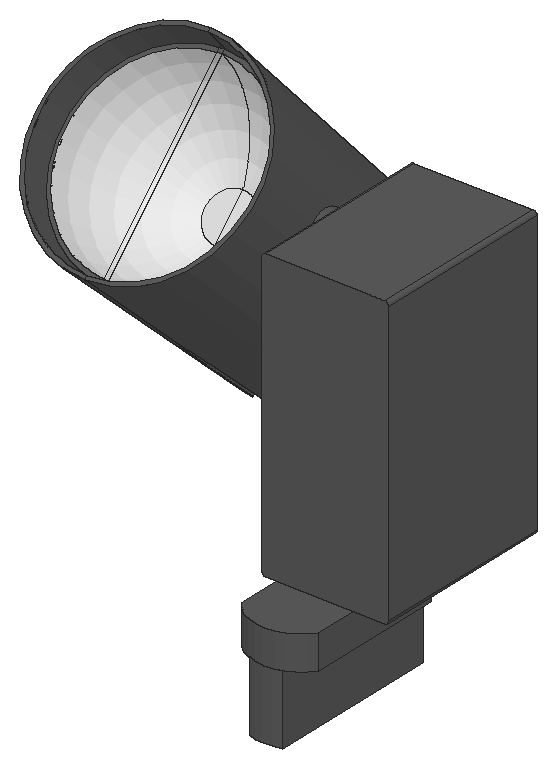
Revit family "0004899 Feilo Sylvania Lighting Fixture START TRACK SPOT S 24W 4K RA90 MB BLACK", category Lighting Fixtures, host Face, Revit 2017 (continued)
Definition of nested family "Start Track Spot Head"
  Types (96, lengths in mm): name | Wattage | built-in parameter 1150134 | Photometric Web File | Model | built-in parameter 1150105 | Lumens | built-in parameter 1150107 | built-in parameter 1150106 | HeadThickness_FEILO | HeadRibOffset_FEILO | HeadRibDepth_FEILO | HeadRibCutWidth_FEILO | HeadRibCutOffset_FEILO | HeadReflectorRadius_FEILO | HeadReflectorOffset_FEILO | HeadLEDRadius_FEILO | HeadHeight_FEILO | HeadDiffusorOffset_FEILO | HeadDiaOut_FEILO | HeadDiaIn_FEILO | HeadAxisFromTop_FEILO | Emit from Circle Diameter | built-in parameter 1150104 | Description | Apparent Load
    0004864 START TRACK SPOT S 24W 3K RA90 WB WHITE | 24 W | (empty or 0) | "0004864.ies" | "START TRACK SPOT S 24W 3K RA90 WB WHITE" | 152.79 (stored number, unit not read) | 1920 lm | 3000 (stored number, unit not read) | 1.5279 (stored number, unit not read) | 1.5 | 4.179 | 55.714 | 7.167 | 50.87 | 50.588 | 55.714 | 9.556 | 117 | 9.435 | 86 | 77.477 | 69.354 | 77.477 | 7.4322 (stored number, unit not read) | "Integrated LED spotlight, Textured White - RAL9016, compact and minimalist design, ideal for retail applications, die-cast aluminium body, passive cooling heatsink. Beam angle: 64°, color temperature: 3000K , total system power: 24W, total fixture output: 1928 lm, LOR: 100%, colour rendering: Ra: 90 typical, LED Chromaticity: 3 step MacAdam ellipse, lifetime: >50000 hours at L70B50, energy class: A++, A+, A, IR/UV free light source without heat radiation, operating voltage: 220-240V / 50-60Hz, drive current: 600mA, electronic driver, non-dimmable, power factor: 0.95, electrical protection: Class II, Global Track 3 Phase adapter suitable for Global trac 3-circuit tracks, ingress protection rating: IP20, suitable for internal environment only, horizontal rotation: 355°, vertical tilt: 90°, dimensions: Ø86x140x200, weight: 0.966kg." | 24 VA
    0004863 START TRACK SPOT S 24W 3K RA90 MB WHITE | 24 W | (empty or 0) | "0004863.ies" | "START TRACK SPOT S 24W 3K RA90 MB WHITE" | 154.7 (stored number, unit not read) | 1944 lm | 3000 (stored number, unit not read) | 1.547 (stored number, unit not read) | 1.5 | 4.179 | 55.714 | 7.167 | 50.87 | 50.588 | 55.714 | 9.556 | 117 | 9.435 | 86 | 77.477 | 69.354 | 77.477 | 7.5251 (stored number, unit not read) | "Integrated LED spotlight, Textured White - RAL9016, compact and minimalist design, ideal for retail applications, die-cast aluminium body, passive cooling heatsink. Beam angle: 36°, color temperature: 3000K , total system power: 24W, total fixture output: 1944 lm, LOR: 100%, colour rendering: Ra: 90 typical, LED Chromaticity: 3 step MacAdam ellipse, lifetime: >50000 hours at L70B50, energy class: A++, A+, A, IR/UV free light source without heat radiation, operating voltage: 220-240V / 50-60Hz, drive current: 600mA, electronic driver, non-dimmable, power factor: 0.95, electrical protection: Class II, Global Track 3 Phase adapter suitable for Global trac 3-circuit tracks, ingress protection rating: IP20, suitable for internal environment only, horizontal rotation: 355°, vertical tilt: 90°, dimensions: Ø86x140x200, weight: 0.966kg." | 24 VA
    0004862 START TRACK SPOT S 24W 3K RA90 NB WHITE | 24 W | (empty or 0) | "0004862.ies" | "START TRACK SPOT S 24W 3K RA90 NB WHITE" | 158.52 (stored number, unit not read) | 1992 lm | 3000 (stored number, unit not read) | 1.5852 (stored number, unit not read) | 1.5 | 4.179 | 55.714 | 7.167 | 50.87 | 50.588 | 55.714 | 9.556 | 117 | 9.435 | 86 | 77.477 | 69.354 | 77.477 | 7.711 (stored number, unit not read) | "Integrated LED spotlight, Textured White - RAL9016, compact and minimalist design, ideal for retail applications, die-cast aluminium body, passive cooling heatsink. Beam angle: 12°, color temperature: 3000K , total system power: 24W, total fixture output: 1987 lm, LOR: 100%, colour rendering: Ra: 90 typical, LED Chromaticity: 3 step MacAdam ellipse, lifetime: >50000 hours at L70B50, energy class: A++, A+, A, IR/UV free light source without heat radiation, operating voltage: 220-240V / 50-60Hz, drive current: 600mA, electronic driver, non-dimmable, power factor: 0.95, electrical protection: Class II, Global Track 3 Phase adapter suitable for Global trac 3-circuit tracks, ingress protection rating: IP20, suitable for internal environment only, horizontal rotation: 355°, vertical tilt: 90°, dimensions: Ø86x140x200, weight: 0.966kg." | 24 VA
    0004861 START TRACK SPOT S 14W 3K RA90 WB WHITE | 14 W | (empty or 0) | "0004861.ies" | "START TRACK SPOT S 14W 3K RA90 WB WHITE" | 100.27 (stored number, unit not read) | 1260 lm | 3000 (stored number, unit not read) | 1.0027 (stored number, unit not read) | 1.5 | 4.179 | 55.714 | 7.167 | 50.87 | 50.588 | 55.714 | 9.556 | 117 | 9.435 | 86 | 77.477 | 69.354 | 77.477 | 8.3613 (stored number, unit not read) | "Integrated LED spotlight, Textured White - RAL9016, compact and minimalist design, ideal for retail applications, die-cast aluminium body, passive cooling heatsink. Beam angle: 64°, color temperature: 3000K , total system power: 14W, total fixture output: 1262 lm, LOR: 100%, colour rendering: Ra: 90 typical, LED Chromaticity: 3 step MacAdam ellipse, lifetime: >50000 hours at L70B50, energy class: A++, A+, A, IR/UV free light source without heat radiation, operating voltage: 220-240V / 50-60Hz, drive current: 350mA, electronic driver, non-dimmable, power factor: 0.92, electrical protection: Class II, Global Track 3 Phase adapter suitable for Global trac 3-circuit tracks, ingress protection rating: IP20, suitable for internal environment only, horizontal rotation: 355°, vertical tilt: 90°, dimensions: Ø86x140x200, weight: 0.940kg." | 14 VA
    0004860 START TRACK SPOT S 14W 3K RA90 MB WHITE | 14 W | (empty or 0) | "0004860.ies" | "START TRACK SPOT S 14W 3K RA90 MB WHITE" | 100.27 (stored number, unit not read) | 1260 lm | 3000 (stored number, unit not read) | 1.0027 (stored number, unit not read) | 1.5 | 4.179 | 55.714 | 7.167 | 50.87 | 50.588 | 55.714 | 9.556 | 117 | 9.435 | 86 | 77.477 | 69.354 | 77.477 | 8.3613 (stored number, unit not read) | "Integrated LED spotlight, Textured White - RAL9016, compact and minimalist design, ideal for retail applications, die-cast aluminium body, passive cooling heatsink. Beam angle: 36°, color temperature: 3000K , total system power: 14W, total fixture output: 1262 lm, LOR: 100%, colour rendering: Ra: 90 typical, LED Chromaticity: 3 step MacAdam ellipse, lifetime: >50000 hours at L70B50, energy class: A++, A+, A, IR/UV free light source without heat radiation, operating voltage: 220-240V / 50-60Hz, drive current: 350mA, electronic driver, non-dimmable, power factor: 0.92, electrical protection: Class II, Global Track 3 Phase adapter suitable for Global trac 3-circuit tracks, ingress protection rating: IP20, suitable for internal environment only, horizontal rotation: 355°, vertical tilt: 90°, dimensions: Ø86x140x200, weight: 0.940kg." | 14 VA
    0004859 START TRACK SPOT S 14W 3K RA90 NB WHITE | 14 W | (empty or 0) | "0004859.ies" | "START TRACK SPOT S 14W 3K RA90 NB WHITE" | 102.5 (stored number, unit not read) | 1288 lm | 3000 (stored number, unit not read) | 1.025 (stored number, unit not read) | 1.5 | 4.179 | 55.714 | 7.167 | 50.87 | 50.588 | 55.714 | 9.556 | 117 | 9.435 | 86 | 77.477 | 69.354 | 77.477 | 8.5471 (stored number, unit not read) | "Integrated LED spotlight, Textured White - RAL9016, compact and minimalist design, ideal for retail applications, die-cast aluminium body, passive cooling heatsink. Beam angle: 12°, color temperature: 3000K , total system power: 14W, total fixture output: 1284 lm, LOR: 100%, colour rendering: Ra: 90 typical, LED Chromaticity: 3 step MacAdam ellipse, lifetime: >50000 hours at L70B50, energy class: A++, A+, A, IR/UV free light source without heat radiation, operating voltage: 220-240V / 50-60Hz, drive current: 350mA, electronic driver, non-dimmable, power factor: 0.92, electrical protection: Class II, Global Track 3 Phase adapter suitable for Global trac 3-circuit tracks, ingress protection rating: IP20, suitable for internal environment only, horizontal rotation: 355°, vertical tilt: 90°, dimensions: Ø86x140x200, weight: 0.940kg." | 14 VA
    0004858 START TRACK SPOT L 55W 4K RA80 WB BLACK | 55 W | 12 | "0004858.ies" | "START TRACK SPOT L 55W 4K RA80 WB BLACK" | 424.55 (stored number, unit not read) | 5335 lm | 4000 (stored number, unit not read) | 4.2455 (stored number, unit not read) | 2 | 4.429 | 59.048 | 9.417 | 53.913 | 66.471 | 59.048 | 12.556 | 124 | 10 | 113 | 101.802 | 73.503 | 101.802 | 9.0116 (stored number, unit not read) | "Integrated LED spotlight, Textured Black - RAL9005, compact and minimalist design, ideal for retail applications, die-cast aluminium body, passive cooling heatsink. Beam angle: 52°, color temperature: 4000K , total system power: 55W, total fixture output: 5320 lm, LOR: 100%, colour rendering: Ra: 80 typical, LED Chromaticity: 3 step MacAdam ellipse, lifetime: >50000 hours at L70B50, energy class: A++, A+, A, IR/UV free light source without heat radiation, operating voltage: 220-240V / 50-60Hz, drive current: 1400mA, electronic driver, non-dimmable, power factor: 0.96, electrical protection: Class II, Global Track 3 Phase adapter suitable for Global trac 3-circuit tracks, ingress protection rating: IP20, suitable for internal environment only, horizontal rotation: 355°, vertical tilt: 90°, dimensions: Ø113x164x240, weight: 1.398kg." | 55 VA
    0004857 START TRACK SPOT L 55W 4K RA80 MB BLACK | 55 W | 12 | "0004857.ies" | "START TRACK SPOT L 55W 4K RA80 MB BLACK" | 428.92 (stored number, unit not read) | 5390 lm | 4000 (stored number, unit not read) | 4.2892 (stored number, unit not read) | 2 | 4.429 | 59.048 | 9.417 | 53.913 | 66.471 | 59.048 | 12.556 | 124 | 10 | 113 | 101.802 | 73.503 | 101.802 | 9.1045 (stored number, unit not read) | "Integrated LED spotlight, Textured Black - RAL9005, compact and minimalist design, ideal for retail applications, die-cast aluminium body, passive cooling heatsink. Beam angle: 38°, color temperature: 4000K , total system power: 55W, total fixture output: 5378 lm, LOR: 100%, colour rendering: Ra: 80 typical, LED Chromaticity: 3 step MacAdam ellipse, lifetime: >50000 hours at L70B50, energy class: A++, A+, A, IR/UV free light source without heat radiation, operating voltage: 220-240V / 50-60Hz, drive current: 1400mA, electronic driver, non-dimmable, power factor: 0.96, electrical protection: Class II, Global Track 3 Phase adapter suitable for Global trac 3-circuit tracks, ingress protection rating: IP20, suitable for internal environment only, horizontal rotation: 355°, vertical tilt: 90°, dimensions: Ø113x164x240, weight: 1.398kg." | 55 VA
    0004856 START TRACK SPOT L 55W 4K RA80 NB BLACK | 55 W | 12 | "0004856.ies" | "START TRACK SPOT L 55W 4K RA80 NB BLACK" | 433.3 (stored number, unit not read) | 5445 lm | 4000 (stored number, unit not read) | 4.333 (stored number, unit not read) | 2 | 4.429 | 59.048 | 9.417 | 53.913 | 66.471 | 59.048 | 12.556 | 124 | 10 | 113 | 101.802 | 73.503 | 101.802 | 9.1974 (stored number, unit not read) | "Integrated LED spotlight, Textured Black - RAL9005, compact and minimalist design, ideal for retail applications, die-cast aluminium body, passive cooling heatsink. Beam angle: 15°, color temperature: 4000K , total system power: 55W, total fixture output: 5426 lm, LOR: 100%, colour rendering: Ra: 80 typical, LED Chromaticity: 3 step MacAdam ellipse, lifetime: >50000 hours at L70B50, energy class: A++, A+, A, IR/UV free light source without heat radiation, operating voltage: 220-240V / 50-60Hz, drive current: 1400mA, electronic driver, non-dimmable, power factor: 0.96, electrical protection: Class II, Global Track 3 Phase adapter suitable for Global trac 3-circuit tracks, ingress protection rating: IP20, suitable for internal environment only, horizontal rotation: 355°, vertical tilt: 90°, dimensions: Ø113x164x240, weight: 1.398kg." | 55 VA
    0004855 START TRACK SPOT L 35W 4K RA80 WB BLACK | 35 W | 12 | "0004855.ies" | "START TRACK SPOT L 35W 4K RA80 WB BLACK" | 320.3 (stored number, unit not read) | 4025 lm | 4000 (stored number, unit not read) | 3.203 (stored number, unit not read) | 2 | 4.429 | 59.048 | 9.417 | 53.913 | 66.471 | 59.048 | 12.556 | 124 | 10 | 113 | 101.802 | 73.503 | 101.802 | 10.684 (stored number, unit not read) | "Integrated LED spotlight, Textured Black - RAL9005, compact and minimalist design, ideal for retail applications, die-cast aluminium body, passive cooling heatsink. Beam angle: 52°, color temperature: 4000K , total system power: 35W, total fixture output: 4010 lm, LOR: 100%, colour rendering: Ra: 80 typical, LED Chromaticity: 3 step MacAdam ellipse, lifetime: >50000 hours at L70B50, energy class: A++, A+, A, IR/UV free light source without heat radiation, operating voltage: 220-240V / 50-60Hz, drive current: 900mA, electronic driver, non-dimmable, power factor: 0.93, electrical protection: Class II, Global Track 3 Phase adapter suitable for Global trac 3-circuit tracks, ingress protection rating: IP20, suitable for internal environment only, horizontal rotation: 355°, vertical tilt: 90°, dimensions: Ø113x164x240, weight: 1.368kg." | 35 VA
    0004854 START TRACK SPOT L 35W 4K RA80 MB BLACK | 35 W | 12 | "0004854.ies" | "START TRACK SPOT L 35W 4K RA80 MB BLACK" | 320.3 (stored number, unit not read) | 4025 lm | 4000 (stored number, unit not read) | 3.203 (stored number, unit not read) | 2 | 4.429 | 59.048 | 9.417 | 53.913 | 66.471 | 59.048 | 12.556 | 124 | 10 | 113 | 101.802 | 73.503 | 101.802 | 10.684 (stored number, unit not read) | "Integrated LED spotlight, Textured Black - RAL9005, compact and minimalist design, ideal for retail applications, die-cast aluminium body, passive cooling heatsink. Beam angle: 38°, color temperature: 4000K , total system power: 35W, total fixture output: 4017 lm, LOR: 100%, colour rendering: Ra: 80 typical, LED Chromaticity: 3 step MacAdam ellipse, lifetime: >50000 hours at L70B50, energy class: A++, A+, A, IR/UV free light source without heat radiation, operating voltage: 220-240V / 50-60Hz, drive current: 900mA, electronic driver, non-dimmable, power factor: 0.93, electrical protection: Class II, Global Track 3 Phase adapter suitable for Global trac 3-circuit tracks, ingress protection rating: IP20, suitable for internal environment only, horizontal rotation: 355°, vertical tilt: 90°, dimensions: Ø113x164x240, weight: 1.368kg." | 35 VA
    0004853 START TRACK SPOT L 35W 4K RA80 NB BLACK | 35 W | 12 | "0004853.ies" | "START TRACK SPOT L 35W 4K RA80 NB BLACK" | 331.44 (stored number, unit not read) | 4165 lm | 4000 (stored number, unit not read) | 3.3144 (stored number, unit not read) | 2 | 4.429 | 59.048 | 9.417 | 53.913 | 66.471 | 59.048 | 12.556 | 124 | 10 | 113 | 101.802 | 73.503 | 101.802 | 11.055 (stored number, unit not read) | "Integrated LED spotlight, Textured Black - RAL9005, compact and minimalist design, ideal for retail applications, die-cast aluminium body, passive cooling heatsink. Beam angle: 15°, color temperature: 4000K , total system power: 35W, total fixture output: 4174 lm, LOR: 100%, colour rendering: Ra: 80 typical, LED Chromaticity: 3 step MacAdam ellipse, lifetime: >50000 hours at L70B50, energy class: A++, A+, A, IR/UV free light source without heat radiation, operating voltage: 220-240V / 50-60Hz, drive current: 900mA, electronic driver, non-dimmable, power factor: 0.93, electrical protection: Class II, Global Track 3 Phase adapter suitable for Global trac 3-circuit tracks, ingress protection rating: IP20, suitable for internal environment only, horizontal rotation: 355°, vertical tilt: 90°, dimensions: Ø113x164x240, weight: 1.368kg." | 35 VA
    0004852 START TRACK SPOT S 24W 4K RA80 WB BLACK | 24 W | 12 | "0004852.ies" | "START TRACK SPOT S 24W 4K RA80 WB BLACK" | 196.72 (stored number, unit not read) | 2472 lm | 4000 (stored number, unit not read) | 1.9672 (stored number, unit not read) | 1.5 | 4.179 | 55.714 | 7.167 | 50.87 | 50.588 | 55.714 | 9.556 | 117 | 9.435 | 86 | 77.477 | 69.354 | 77.477 | 9.569 (stored number, unit not read) | "Integrated LED spotlight, Textured Black - RAL9005, compact and minimalist design, ideal for retail applications, die-cast aluminium body, passive cooling heatsink. Beam angle: 64°, color temperature: 4000K , total system power: 24W, total fixture output: 2476 lm, LOR: 100%, colour rendering: Ra: 80 typical, LED Chromaticity: 3 step MacAdam ellipse, lifetime: >50000 hours at L70B50, energy class: A++, A+, A, IR/UV free light source without heat radiation, operating voltage: 220-240V / 50-60Hz, drive current: 600mA, electronic driver, non-dimmable, power factor: 0.95, electrical protection: Class II, Global Track 3 Phase adapter suitable for Global trac 3-circuit tracks, ingress protection rating: IP20, suitable for internal environment only, horizontal rotation: 355°, vertical tilt: 90°, dimensions: Ø86x140x200, weight: 0.966kg." | 24 VA
    0004851 START TRACK SPOT S 24W 4K RA80 MB BLACK | 24 W | 12 | "0004851.ies" | "START TRACK SPOT S 24W 4K RA80 MB BLACK" | 198.63 (stored number, unit not read) | 2496 lm | 4000 (stored number, unit not read) | 1.9863 (stored number, unit not read) | 1.5 | 4.179 | 55.714 | 7.167 | 50.87 | 50.588 | 55.714 | 9.556 | 117 | 9.435 | 86 | 77.477 | 69.354 | 77.477 | 9.6619 (stored number, unit not read) | "Integrated LED spotlight, Textured Black - RAL9005, compact and minimalist design, ideal for retail applications, die-cast aluminium body, passive cooling heatsink. Beam angle: 36°, color temperature: 4000K , total system power: 24W, total fixture output: 2487 lm, LOR: 100%, colour rendering: Ra: 80 typical, LED Chromaticity: 3 step MacAdam ellipse, lifetime: >50000 hours at L70B50, energy class: A++, A+, A, IR/UV free light source without heat radiation, operating voltage: 220-240V / 50-60Hz, drive current: 600mA, electronic driver, non-dimmable, power factor: 0.95, electrical protection: Class II, Global Track 3 Phase adapter suitable for Global trac 3-circuit tracks, ingress protection rating: IP20, suitable for internal environment only, horizontal rotation: 355°, vertical tilt: 90°, dimensions: Ø86x140x200, weight: 0.966kg." | 24 VA
    0004850 START TRACK SPOT S 24W 4K RA80 NB BLACK | 24 W | 12 | "0004850.ies" | "START TRACK SPOT S 24W 4K RA80 NB BLACK" | 200.54 (stored number, unit not read) | 2520 lm | 4000 (stored number, unit not read) | 2.0054 (stored number, unit not read) | 1.5 | 4.179 | 55.714 | 7.167 | 50.87 | 50.588 | 55.714 | 9.556 | 117 | 9.435 | 86 | 77.477 | 69.354 | 77.477 | 9.7548 (stored number, unit not read) | "Integrated LED spotlight, Textured Black - RAL9005, compact and minimalist design, ideal for retail applications, die-cast aluminium body, passive cooling heatsink. Beam angle: 12°, color temperature: 4000K , total system power: 24W, total fixture output: 2529 lm, LOR: 100%, colour rendering: Ra: 80 typical, LED Chromaticity: 3 step MacAdam ellipse, lifetime: >50000 hours at L70B50, energy class: A++, A+, A, IR/UV free light source without heat radiation, operating voltage: 220-240V / 50-60Hz, drive current: 600mA, electronic driver, non-dimmable, power factor: 0.95, electrical protection: Class II, Global Track 3 Phase adapter suitable for Global trac 3-circuit tracks, ingress protection rating: IP20, suitable for internal environment only, horizontal rotation: 355°, vertical tilt: 90°, dimensions: Ø86x140x200, weight: 0.966kg." | 24 VA
    0004849 START TRACK SPOT S 14W 4K RA80 WB BLACK | 14 W | 12 | "0004849.ies" | "START TRACK SPOT S 14W 4K RA80 WB BLACK" | 123.66 (stored number, unit not read) | 1554 lm | 4000 (stored number, unit not read) | 1.2366 (stored number, unit not read) | 1.5 | 4.179 | 55.714 | 7.167 | 50.87 | 50.588 | 55.714 | 9.556 | 117 | 9.435 | 86 | 77.477 | 69.354 | 77.477 | 10.312 (stored number, unit not read) | "Integrated LED spotlight, Textured Black - RAL9005, compact and minimalist design, ideal for retail applications, die-cast aluminium body, passive cooling heatsink. Beam angle: 64°, color temperature: 4000K , total system power: 14W, total fixture output: 1558 lm, LOR: 100%, colour rendering: Ra: 80 typical, LED Chromaticity: 3 step MacAdam ellipse, lifetime: >50000 hours at L70B50, energy class: A++, A+, A, IR/UV free light source without heat radiation, operating voltage: 220-240V / 50-60Hz, drive current: 350mA, electronic driver, non-dimmable, power factor: 0.92, electrical protection: Class II, Global Track 3 Phase adapter suitable for Global trac 3-circuit tracks, ingress protection rating: IP20, suitable for internal environment only, horizontal rotation: 355°, vertical tilt: 90°, dimensions: Ø86x140x200, weight: 0.940kg." | 14 VA
    0004848 START TRACK SPOT S 14W 4K RA80 MB BLACK | 14 W | 12 | "0004848.ies" | "START TRACK SPOT S 14W 4K RA80 MB BLACK" | 127.01 (stored number, unit not read) | 1596 lm | 4000 (stored number, unit not read) | 1.2701 (stored number, unit not read) | 1.5 | 4.179 | 55.714 | 7.167 | 50.87 | 50.588 | 55.714 | 9.556 | 117 | 9.435 | 86 | 77.477 | 69.354 | 77.477 | 10.591 (stored number, unit not read) | "Integrated LED spotlight, Textured Black - RAL9005, compact and minimalist design, ideal for retail applications, die-cast aluminium body, passive cooling heatsink. Beam angle: 36°, color temperature: 4000K , total system power: 14W, total fixture output: 1598 lm, LOR: 100%, colour rendering: Ra: 80 typical, LED Chromaticity: 3 step MacAdam ellipse, lifetime: >50000 hours at L70B50, energy class: A++, A+, A, IR/UV free light source without heat radiation, operating voltage: 220-240V / 50-60Hz, drive current: 350mA, electronic driver, non-dimmable, power factor: 0.92, electrical protection: Class II, Global Track 3 Phase adapter suitable for Global trac 3-circuit tracks, ingress protection rating: IP20, suitable for internal environment only, horizontal rotation: 355°, vertical tilt: 90°, dimensions: Ø86x140x200, weight: 0.940kg." | 14 VA
    0004847 START TRACK SPOT S 14W 4K RA80 NB BLACK | 14 W | 12 | "0004847.ies" | "START TRACK SPOT S 14W 4K RA80 NB BLACK" | 128.12 (stored number, unit not read) | 1610 lm | 4000 (stored number, unit not read) | 1.2812 (stored number, unit not read) | 1.5 | 4.179 | 55.714 | 7.167 | 50.87 | 50.588 | 55.714 | 9.556 | 117 | 9.435 | 86 | 77.477 | 69.354 | 77.477 | 10.684 (stored number, unit not read) | "Integrated LED spotlight, Textured Black - RAL9005, compact and minimalist design, ideal for retail applications, die-cast aluminium body, passive cooling heatsink. Beam angle: 12°, color temperature: 4000K , total system power: 14W, total fixture output: 1608 lm, LOR: 100%, colour rendering: Ra: 80 typical, LED Chromaticity: 3 step MacAdam ellipse, lifetime: >50000 hours at L70B50, energy class: A++, A+, A, IR/UV free light source without heat radiation, operating voltage: 220-240V / 50-60Hz, drive current: 350mA, electronic driver, non-dimmable, power factor: 0.92, electrical protection: Class II, Global Track 3 Phase adapter suitable for Global trac 3-circuit tracks, ingress protection rating: IP20, suitable for internal environment only, horizontal rotation: 355°, vertical tilt: 90°, dimensions: Ø86x140x200, weight: 0.940kg." | 14 VA
    0004846 START TRACK SPOT L 55W 3K RA80 WB BLACK | 55 W | (empty or 0) | "0004846.ies" | "START TRACK SPOT L 55W 3K RA80 WB BLACK" | 420.17 (stored number, unit not read) | 5280 lm | 3000 (stored number, unit not read) | 4.2017 (stored number, unit not read) | 2 | 4.429 | 59.048 | 9.417 | 53.913 | 66.471 | 59.048 | 12.556 | 124 | 10 | 113 | 101.802 | 73.503 | 101.802 | 8.9187 (stored number, unit not read) | "Integrated LED spotlight, Textured Black - RAL9005, compact and minimalist design, ideal for retail applications, die-cast aluminium body, passive cooling heatsink. Beam angle: 52°, color temperature: 3000K , total system power: 55W, total fixture output: 5298 lm, LOR: 100%, colour rendering: Ra: 80 typical, LED Chromaticity: 3 step MacAdam ellipse, lifetime: >50000 hours at L70B50, energy class: A++, A+, A, IR/UV free light source without heat radiation, operating voltage: 220-240V / 50-60Hz, drive current: 1400mA, electronic driver, non-dimmable, power factor: 0.96, electrical protection: Class II, Global Track 3 Phase adapter suitable for Global trac 3-circuit tracks, ingress protection rating: IP20, suitable for internal environment only, horizontal rotation: 355°, vertical tilt: 90°, dimensions: Ø113x164x240, weight: 1.398kg." | 55 VA
    0004845 START TRACK SPOT L 55W 3K RA80 MB BLACK | 55 W | (empty or 0) | "0004845.ies" | "START TRACK SPOT L 55W 3K RA80 MB BLACK" | 428.92 (stored number, unit not read) | 5390 lm | 3000 (stored number, unit not read) | 4.2892 (stored number, unit not read) | 2 | 4.429 | 59.048 | 9.417 | 53.913 | 66.471 | 59.048 | 12.556 | 124 | 10 | 113 | 101.802 | 73.503 | 101.802 | 9.1045 (stored number, unit not read) | "Integrated LED spotlight, Textured Black - RAL9005, compact and minimalist design, ideal for retail applications, die-cast aluminium body, passive cooling heatsink. Beam angle: 38°, color temperature: 3000K , total system power: 55W, total fixture output: 5381 lm, LOR: 100%, colour rendering: Ra: 80 typical, LED Chromaticity: 3 step MacAdam ellipse, lifetime: >50000 hours at L70B50, energy class: A++, A+, A, IR/UV free light source without heat radiation, operating voltage: 220-240V / 50-60Hz, drive current: 1400mA, electronic driver, non-dimmable, power factor: 0.96, electrical protection: Class II, Global Track 3 Phase adapter suitable for Global trac 3-circuit tracks, ingress protection rating: IP20, suitable for internal environment only, horizontal rotation: 355°, vertical tilt: 90°, dimensions: Ø113x164x240, weight: 1.398kg." | 55 VA
    0004844 START TRACK SPOT L 55W 3K RA80 NB BLACK | 55 W | (empty or 0) | "0004844.ies" | "START TRACK SPOT L 55W 3K RA80 NB BLACK" | 433.3 (stored number, unit not read) | 5445 lm | 3000 (stored number, unit not read) | 4.333 (stored number, unit not read) | 2 | 4.429 | 59.048 | 9.417 | 53.913 | 66.471 | 59.048 | 12.556 | 124 | 10 | 113 | 101.802 | 73.503 | 101.802 | 9.1974 (stored number, unit not read) | "Integrated LED spotlight, Textured Black - RAL9005, compact and minimalist design, ideal for retail applications, die-cast aluminium body, passive cooling heatsink. Beam angle: 15°, color temperature: 3000K , total system power: 55W, total fixture output: 5449 lm, LOR: 100%, colour rendering: Ra: 80 typical, LED Chromaticity: 3 step MacAdam ellipse, lifetime: >50000 hours at L70B50, energy class: A++, A+, A, IR/UV free light source without heat radiation, operating voltage: 220-240V / 50-60Hz, drive current: 1400mA, electronic driver, non-dimmable, power factor: 0.96, electrical protection: Class II, Global Track 3 Phase adapter suitable for Global trac 3-circuit tracks, ingress protection rating: IP20, suitable for internal environment only, horizontal rotation: 355°, vertical tilt: 90°, dimensions: Ø113x164x240, weight: 1.398kg." | 55 VA
    0004843 START TRACK SPOT L 35W 3K RA80 WB BLACK | 35 W | (empty or 0) | "0004843.ies" | "START TRACK SPOT L 35W 3K RA80 WB BLACK" | 314.73 (stored number, unit not read) | 3955 lm | 3000 (stored number, unit not read) | 3.1473 (stored number, unit not read) | 2 | 4.429 | 59.048 | 9.417 | 53.913 | 66.471 | 59.048 | 12.556 | 124 | 10 | 113 | 101.802 | 73.503 | 101.802 | 10.498 (stored number, unit not read) | "Integrated LED spotlight, Textured Black - RAL9005, compact and minimalist design, ideal for retail applications, die-cast aluminium body, passive cooling heatsink. Beam angle: 52°, color temperature: 3000K , total system power: 35W, total fixture output: 3943 lm, LOR: 100%, colour rendering: Ra: 80 typical, LED Chromaticity: 3 step MacAdam ellipse, lifetime: >50000 hours at L70B50, energy class: A++, A+, A, IR/UV free light source without heat radiation, operating voltage: 220-240V / 50-60Hz, drive current: 900mA, electronic driver, non-dimmable, power factor: 0.93, electrical protection: Class II, Global Track 3 Phase adapter suitable for Global trac 3-circuit tracks, ingress protection rating: IP20, suitable for internal environment only, horizontal rotation: 355°, vertical tilt: 90°, dimensions: Ø113x164x240, weight: 1.368kg." | 35 VA
    0004842 START TRACK SPOT L 35W 3K RA80 MB BLACK | 35 W | (empty or 0) | "0004842.ies" | "START TRACK SPOT L 35W 3K RA80 MB BLACK" | 320.3 (stored number, unit not read) | 4025 lm | 3000 (stored number, unit not read) | 3.203 (stored number, unit not read) | 2 | 4.429 | 59.048 | 9.417 | 53.913 | 66.471 | 59.048 | 12.556 | 124 | 10 | 113 | 101.802 | 73.503 | 101.802 | 10.684 (stored number, unit not read) | "Integrated LED spotlight, Textured Black - RAL9005, compact and minimalist design, ideal for retail applications, die-cast aluminium body, passive cooling heatsink. Beam angle: 38°, color temperature: 3000K , total system power: 35W, total fixture output: 4008 lm, LOR: 100%, colour rendering: Ra: 80 typical, LED Chromaticity: 3 step MacAdam ellipse, lifetime: >50000 hours at L70B50, energy class: A++, A+, A, IR/UV free light source without heat radiation, operating voltage: 220-240V / 50-60Hz, drive current: 900mA, electronic driver, non-dimmable, power factor: 0.93, electrical protection: Class II, Global Track 3 Phase adapter suitable for Global trac 3-circuit tracks, ingress protection rating: IP20, suitable for internal environment only, horizontal rotation: 355°, vertical tilt: 90°, dimensions: Ø113x164x240, weight: 1.368kg." | 35 VA
    0004841 START TRACK SPOT L 35W 3K RA80 NB BLACK | 35 W | (empty or 0) | "0004841.ies" | "START TRACK SPOT L 35W 3K RA80 NB BLACK" | 317.51 (stored number, unit not read) | 3990 lm | 3000 (stored number, unit not read) | 3.1751 (stored number, unit not read) | 2 | 4.429 | 59.048 | 9.417 | 53.913 | 66.471 | 59.048 | 12.556 | 124 | 10 | 113 | 101.802 | 73.503 | 101.802 | 10.591 (stored number, unit not read) | "Integrated LED spotlight, Textured Black - RAL9005, compact and minimalist design, ideal for retail applications, die-cast aluminium body, passive cooling heatsink. Beam angle: 15°, color temperature: 3000K , total system power: 35W, total fixture output: 4005 lm, LOR: 100%, colour rendering: Ra: 80 typical, LED Chromaticity: 3 step MacAdam ellipse, lifetime: >50000 hours at L70B50, energy class: A++, A+, A, IR/UV free light source without heat radiation, operating voltage: 220-240V / 50-60Hz, drive current: 900mA, electronic driver, non-dimmable, power factor: 0.93, electrical protection: Class II, Global Track 3 Phase adapter suitable for Global trac 3-circuit tracks, ingress protection rating: IP20, suitable for internal environment only, horizontal rotation: 355°, vertical tilt: 90°, dimensions: Ø113x164x240, weight: 1.368kg." | 35 VA
    0004840 START TRACK SPOT S 24W 3K RA80 WB BLACK | 24 W | (empty or 0) | "0004840.ies" | "START TRACK SPOT S 24W 3K RA80 WB BLACK" | 185.26 (stored number, unit not read) | 2328 lm | 3000 (stored number, unit not read) | 1.8526 (stored number, unit not read) | 1.5 | 4.179 | 55.714 | 7.167 | 50.87 | 50.588 | 55.714 | 9.556 | 117 | 9.435 | 86 | 77.477 | 69.354 | 77.477 | 9.0116 (stored number, unit not read) | "Integrated LED spotlight, Textured Black - RAL9005, compact and minimalist design, ideal for retail applications, die-cast aluminium body, passive cooling heatsink. Beam angle: 64°, color temperature: 3000K , total system power: 24W, total fixture output: 2318 lm, LOR: 100%, colour rendering: Ra: 80 typical, LED Chromaticity: 3 step MacAdam ellipse, lifetime: >50000 hours at L70B50, energy class: A++, A+, A, IR/UV free light source without heat radiation, operating voltage: 220-240V / 50-60Hz, drive current: 600mA, electronic driver, non-dimmable, power factor: 0.95, electrical protection: Class II, Global Track 3 Phase adapter suitable for Global trac 3-circuit tracks, ingress protection rating: IP20, suitable for internal environment only, horizontal rotation: 355°, vertical tilt: 90°, dimensions: Ø86x140x200, weight: 0.966kg." | 24 VA
    0004839 START TRACK SPOT S 24W 3K RA80 MB BLACK | 24 W | (empty or 0) | "0004839.ies" | "START TRACK SPOT S 24W 3K RA80 MB BLACK" | 183.35 (stored number, unit not read) | 2304 lm | 3000 (stored number, unit not read) | 1.8335 (stored number, unit not read) | 1.5 | 4.179 | 55.714 | 7.167 | 50.87 | 50.588 | 55.714 | 9.556 | 117 | 9.435 | 86 | 77.477 | 69.354 | 77.477 | 8.9187 (stored number, unit not read) | "Integrated LED spotlight, Textured Black - RAL9005, compact and minimalist design, ideal for retail applications, die-cast aluminium body, passive cooling heatsink. Beam angle: 36°, color temperature: 3000K , total system power: 24W, total fixture output: 2314 lm, LOR: 100%, colour rendering: Ra: 80 typical, LED Chromaticity: 3 step MacAdam ellipse, lifetime: >50000 hours at L70B50, energy class: A++, A+, A, IR/UV free light source without heat radiation, operating voltage: 220-240V / 50-60Hz, drive current: 600mA, electronic driver, non-dimmable, power factor: 0.95, electrical protection: Class II, Global Track 3 Phase adapter suitable for Global trac 3-circuit tracks, ingress protection rating: IP20, suitable for internal environment only, horizontal rotation: 355°, vertical tilt: 90°, dimensions: Ø86x140x200, weight: 0.966kg." | 24 VA
    0004838 START TRACK SPOT S 24W 3K RA80 NB BLACK | 24 W | (empty or 0) | "0004838.ies" | "START TRACK SPOT S 24W 3K RA80 NB BLACK" | 185.26 (stored number, unit not read) | 2328 lm | 3000 (stored number, unit not read) | 1.8526 (stored number, unit not read) | 1.5 | 4.179 | 55.714 | 7.167 | 50.87 | 50.588 | 55.714 | 9.556 | 117 | 9.435 | 86 | 77.477 | 69.354 | 77.477 | 9.0116 (stored number, unit not read) | "Integrated LED spotlight, Textured Black - RAL9005, compact and minimalist design, ideal for retail applications, die-cast aluminium body, passive cooling heatsink. Beam angle: 12°, color temperature: 3000K , total system power: 24W, total fixture output: 2334 lm, LOR: 100%, colour rendering: Ra: 80 typical, LED Chromaticity: 3 step MacAdam ellipse, lifetime: >50000 hours at L70B50, energy class: A++, A+, A, IR/UV free light source without heat radiation, operating voltage: 220-240V / 50-60Hz, drive current: 600mA, electronic driver, non-dimmable, power factor: 0.95, electrical protection: Class II, Global Track 3 Phase adapter suitable for Global trac 3-circuit tracks, ingress protection rating: IP20, suitable for internal environment only, horizontal rotation: 355°, vertical tilt: 90°, dimensions: Ø86x140x200, weight: 0.966kg." | 24 VA
    0004837 START TRACK SPOT S 14W 3K RA80 WB BLACK | 14 W | (empty or 0) | "0004837.ies" | "START TRACK SPOT S 14W 3K RA80 WB BLACK" | 119.21 (stored number, unit not read) | 1498 lm | 3000 (stored number, unit not read) | 1.1921 (stored number, unit not read) | 1.5 | 4.179 | 55.714 | 7.167 | 50.87 | 50.588 | 55.714 | 9.556 | 117 | 9.435 | 86 | 77.477 | 69.354 | 77.477 | 9.9406 (stored number, unit not read) | "Integrated LED spotlight, Textured Black - RAL9005, compact and minimalist design, ideal for retail applications, die-cast aluminium body, passive cooling heatsink. Beam angle: 64°, color temperature: 3000K , total system power: 14W, total fixture output: 1498 lm, LOR: 100%, colour rendering: Ra: 80 typical, LED Chromaticity: 3 step MacAdam ellipse, lifetime: >50000 hours at L70B50, energy class: A++, A+, A, IR/UV free light source without heat radiation, operating voltage: 220-240V / 50-60Hz, drive current: 350mA, electronic driver, non-dimmable, power factor: 0.92, electrical protection: Class II, Global Track 3 Phase adapter suitable for Global trac 3-circuit tracks, ingress protection rating: IP20, suitable for internal environment only, horizontal rotation: 355°, vertical tilt: 90°, dimensions: Ø86x140x200, weight: 0.940kg." | 14 VA
    0004836 START TRACK SPOT S 14W 3K RA80 MB BLACK | 14 W | (empty or 0) | "0004836.ies" | "START TRACK SPOT S 14W 3K RA80 MB BLACK" | 120.32 (stored number, unit not read) | 1512 lm | 3000 (stored number, unit not read) | 1.2032 (stored number, unit not read) | 1.5 | 4.179 | 55.714 | 7.167 | 50.87 | 50.588 | 55.714 | 9.556 | 117 | 9.435 | 86 | 77.477 | 69.354 | 77.477 | 10.034 (stored number, unit not read) | "Integrated LED spotlight, Textured Black - RAL9005, compact and minimalist design, ideal for retail applications, die-cast aluminium body, passive cooling heatsink. Beam angle: 36°, color temperature: 3000K , total system power: 14W, total fixture output: 1508 lm, LOR: 100%, colour rendering: Ra: 80 typical, LED Chromaticity: 3 step MacAdam ellipse, lifetime: >50000 hours at L70B50, energy class: A++, A+, A, IR/UV free light source without heat radiation, operating voltage: 220-240V / 50-60Hz, drive current: 350mA, electronic driver, non-dimmable, power factor: 0.92, electrical protection: Class II, Global Track 3 Phase adapter suitable for Global trac 3-circuit tracks, ingress protection rating: IP20, suitable for internal environment only, horizontal rotation: 355°, vertical tilt: 90°, dimensions: Ø86x140x200, weight: 0.940kg." | 14 VA
    0004835 START TRACK SPOT S 14W 3K RA80 NB BLACK | 14 W | (empty or 0) | "0004835.ies" | "START TRACK SPOT S 14W 3K RA80 NB BLACK" | 123.66 (stored number, unit not read) | 1554 lm | 3000 (stored number, unit not read) | 1.2366 (stored number, unit not read) | 1.5 | 4.179 | 55.714 | 7.167 | 50.87 | 50.588 | 55.714 | 9.556 | 117 | 9.435 | 86 | 77.477 | 69.354 | 77.477 | 10.312 (stored number, unit not read) | "Integrated LED spotlight, Textured Black - RAL9005, compact and minimalist design, ideal for retail applications, die-cast aluminium body, passive cooling heatsink. Beam angle: 12°, color temperature: 3000K , total system power: 14W, total fixture output: 1551 lm, LOR: 100%, colour rendering: Ra: 80 typical, LED Chromaticity: 3 step MacAdam ellipse, lifetime: >50000 hours at L70B50, energy class: A++, A+, A, IR/UV free light source without heat radiation, operating voltage: 220-240V / 50-60Hz, drive current: 350mA, electronic driver, non-dimmable, power factor: 0.92, electrical protection: Class II, Global Track 3 Phase adapter suitable for Global trac 3-circuit tracks, ingress protection rating: IP20, suitable for internal environment only, horizontal rotation: 355°, vertical tilt: 90°, dimensions: Ø86x140x200, weight: 0.940kg." | 14 VA
    0004834 START TRACK SPOT L 55W 4K RA80 WB WHITE | 55 W | 12 | "0004834.ies" | "START TRACK SPOT L 55W 4K RA80 WB WHITE" | 424.55 (stored number, unit not read) | 5335 lm | 4000 (stored number, unit not read) | 4.2455 (stored number, unit not read) | 2 | 4.429 | 59.048 | 9.417 | 53.913 | 66.471 | 59.048 | 12.556 | 124 | 10 | 113 | 101.802 | 73.503 | 101.802 | 9.0116 (stored number, unit not read) | "Integrated LED spotlight, Textured White - RAL9016, compact and minimalist design, ideal for retail applications, die-cast aluminium body, passive cooling heatsink. Beam angle: 52°, color temperature: 4000K , total system power: 55W, total fixture output: 5320 lm, LOR: 100%, colour rendering: Ra: 80 typical, LED Chromaticity: 3 step MacAdam ellipse, lifetime: >50000 hours at L70B50, energy class: A++, A+, A, IR/UV free light source without heat radiation, operating voltage: 220-240V / 50-60Hz, drive current: 1400mA, electronic driver, non-dimmable, power factor: 0.96, electrical protection: Class II, Global Track 3 Phase adapter suitable for Global trac 3-circuit tracks, ingress protection rating: IP20, suitable for internal environment only, horizontal rotation: 355°, vertical tilt: 90°, dimensions: Ø113x164x240, weight: 1.398kg." | 55 VA
    0004833 START TRACK SPOT L 55W 4K RA80 MB WHITE | 55 W | 12 | "0004833.ies" | "START TRACK SPOT L 55W 4K RA80 MB WHITE" | 428.92 (stored number, unit not read) | 5390 lm | 4000 (stored number, unit not read) | 4.2892 (stored number, unit not read) | 2 | 4.429 | 59.048 | 9.417 | 53.913 | 66.471 | 59.048 | 12.556 | 124 | 10 | 113 | 101.802 | 73.503 | 101.802 | 9.1045 (stored number, unit not read) | "Integrated LED spotlight, Textured White - RAL9016, compact and minimalist design, ideal for retail applications, die-cast aluminium body, passive cooling heatsink. Beam angle: 38°, color temperature: 4000K , total system power: 55W, total fixture output: 5378 lm, LOR: 100%, colour rendering: Ra: 80 typical, LED Chromaticity: 3 step MacAdam ellipse, lifetime: >50000 hours at L70B50, energy class: A++, A+, A, IR/UV free light source without heat radiation, operating voltage: 220-240V / 50-60Hz, drive current: 1400mA, electronic driver, non-dimmable, power factor: 0.96, electrical protection: Class II, Global Track 3 Phase adapter suitable for Global trac 3-circuit tracks, ingress protection rating: IP20, suitable for internal environment only, horizontal rotation: 355°, vertical tilt: 90°, dimensions: Ø113x164x240, weight: 1.398kg." | 55 VA
    0004832 START TRACK SPOT L 55W 4K RA80 NB WHITE | 55 W | 12 | "0004832.ies" | "START TRACK SPOT L 55W 4K RA80 NB WHITE" | 433.3 (stored number, unit not read) | 5445 lm | 4000 (stored number, unit not read) | 4.333 (stored number, unit not read) | 2 | 4.429 | 59.048 | 9.417 | 53.913 | 66.471 | 59.048 | 12.556 | 124 | 10 | 113 | 101.802 | 73.503 | 101.802 | 9.1974 (stored number, unit not read) | "Integrated LED spotlight, Textured White - RAL9016, compact and minimalist design, ideal for retail applications, die-cast aluminium body, passive cooling heatsink. Beam angle: 15°, color temperature: 4000K , total system power: 55W, total fixture output: 5426 lm, LOR: 100%, colour rendering: Ra: 80 typical, LED Chromaticity: 3 step MacAdam ellipse, lifetime: >50000 hours at L70B50, energy class: A++, A+, A, IR/UV free light source without heat radiation, operating voltage: 220-240V / 50-60Hz, drive current: 1400mA, electronic driver, non-dimmable, power factor: 0.96, electrical protection: Class II, Global Track 3 Phase adapter suitable for Global trac 3-circuit tracks, ingress protection rating: IP20, suitable for internal environment only, horizontal rotation: 355°, vertical tilt: 90°, dimensions: Ø113x164x240, weight: 1.398kg." | 55 VA
    0004831 START TRACK SPOT L 35W 4K RA80 WB WHITE | 35 W | 12 | "0004831.ies" | "START TRACK SPOT L 35W 4K RA80 WB WHITE" | 320.3 (stored number, unit not read) | 4025 lm | 4000 (stored number, unit not read) | 3.203 (stored number, unit not read) | 2 | 4.429 | 59.048 | 9.417 | 53.913 | 66.471 | 59.048 | 12.556 | 124 | 10 | 113 | 101.802 | 73.503 | 101.802 | 10.684 (stored number, unit not read) | "Integrated LED spotlight, Textured White - RAL9016, compact and minimalist design, ideal for retail applications, die-cast aluminium body, passive cooling heatsink. Beam angle: 52°, color temperature: 4000K , total system power: 35W, total fixture output: 4010 lm, LOR: 100%, colour rendering: Ra: 80 typical, LED Chromaticity: 3 step MacAdam ellipse, lifetime: >50000 hours at L70B50, energy class: A++, A+, A, IR/UV free light source without heat radiation, operating voltage: 220-240V / 50-60Hz, drive current: 900mA, electronic driver, non-dimmable, power factor: 0.93, electrical protection: Class II, Global Track 3 Phase adapter suitable for Global trac 3-circuit tracks, ingress protection rating: IP20, suitable for internal environment only, horizontal rotation: 355°, vertical tilt: 90°, dimensions: Ø113x164x240, weight: 1.368kg." | 35 VA
    0004830 START TRACK SPOT L 35W 4K RA80 MB WHITE | 35 W | 12 | "0004830.ies" | "START TRACK SPOT L 35W 4K RA80 MB WHITE" | 320.3 (stored number, unit not read) | 4025 lm | 4000 (stored number, unit not read) | 3.203 (stored number, unit not read) | 2 | 4.429 | 59.048 | 9.417 | 53.913 | 66.471 | 59.048 | 12.556 | 124 | 10 | 113 | 101.802 | 73.503 | 101.802 | 10.684 (stored number, unit not read) | "Integrated LED spotlight, Textured White - RAL9016, compact and minimalist design, ideal for retail applications, die-cast aluminium body, passive cooling heatsink. Beam angle: 38°, color temperature: 4000K , total system power: 35W, total fixture output: 4017 lm, LOR: 100%, colour rendering: Ra: 80 typical, LED Chromaticity: 3 step MacAdam ellipse, lifetime: >50000 hours at L70B50, energy class: A++, A+, A, IR/UV free light source without heat radiation, operating voltage: 220-240V / 50-60Hz, drive current: 900mA, electronic driver, non-dimmable, power factor: 0.93, electrical protection: Class II, Global Track 3 Phase adapter suitable for Global trac 3-circuit tracks, ingress protection rating: IP20, suitable for internal environment only, horizontal rotation: 355°, vertical tilt: 90°, dimensions: Ø113x164x240, weight: 1.368kg." | 35 VA
    0004829 START TRACK SPOT L 35W 4K RA80 NB WHITE | 35 W | 12 | "0004829.ies" | "START TRACK SPOT L 35W 4K RA80 NB WHITE" | 331.44 (stored number, unit not read) | 4165 lm | 4000 (stored number, unit not read) | 3.3144 (stored number, unit not read) | 2 | 4.429 | 59.048 | 9.417 | 53.913 | 66.471 | 59.048 | 12.556 | 124 | 10 | 113 | 101.802 | 73.503 | 101.802 | 11.055 (stored number, unit not read) | "Integrated LED spotlight, Textured White - RAL9016, compact and minimalist design, ideal for retail applications, die-cast aluminium body, passive cooling heatsink. Beam angle: 15°, color temperature: 4000K , total system power: 35W, total fixture output: 4174 lm, LOR: 100%, colour rendering: Ra: 80 typical, LED Chromaticity: 3 step MacAdam ellipse, lifetime: >50000 hours at L70B50, energy class: A++, A+, A, IR/UV free light source without heat radiation, operating voltage: 220-240V / 50-60Hz, drive current: 900mA, electronic driver, non-dimmable, power factor: 0.93, electrical protection: Class II, Global Track 3 Phase adapter suitable for Global trac 3-circuit tracks, ingress protection rating: IP20, suitable for internal environment only, horizontal rotation: 355°, vertical tilt: 90°, dimensions: Ø113x164x240, weight: 1.368kg." | 35 VA
    0004828 START TRACK SPOT S 24W 4K RA80 WB WHITE | 24 W | 12 | "0004828.ies" | "START TRACK SPOT S 24W 4K RA80 WB WHITE" | 196.72 (stored number, unit not read) | 2472 lm | 4000 (stored number, unit not read) | 1.9672 (stored number, unit not read) | 1.5 | 4.179 | 55.714 | 7.167 | 50.87 | 50.588 | 55.714 | 9.556 | 117 | 9.435 | 86 | 77.477 | 69.354 | 77.477 | 9.569 (stored number, unit not read) | "Integrated LED spotlight, Textured White - RAL9016, compact and minimalist design, ideal for retail applications, die-cast aluminium body, passive cooling heatsink. Beam angle: 64°, color temperature: 4000K , total system power: 24W, total fixture output: 2476 lm, LOR: 100%, colour rendering: Ra: 80 typical, LED Chromaticity: 3 step MacAdam ellipse, lifetime: >50000 hours at L70B50, energy class: A++, A+, A, IR/UV free light source without heat radiation, operating voltage: 220-240V / 50-60Hz, drive current: 600mA, electronic driver, non-dimmable, power factor: 0.95, electrical protection: Class II, Global Track 3 Phase adapter suitable for Global trac 3-circuit tracks, ingress protection rating: IP20, suitable for internal environment only, horizontal rotation: 355°, vertical tilt: 90°, dimensions: Ø86x140x200, weight: 0.966kg." | 24 VA
    0004827 START TRACK SPOT S 24W 4K RA80 MB WHITE | 24 W | 12 | "0004827.ies" | "START TRACK SPOT S 24W 4K RA80 MB WHITE" | 198.63 (stored number, unit not read) | 2496 lm | 4000 (stored number, unit not read) | 1.9863 (stored number, unit not read) | 1.5 | 4.179 | 55.714 | 7.167 | 50.87 | 50.588 | 55.714 | 9.556 | 117 | 9.435 | 86 | 77.477 | 69.354 | 77.477 | 9.6619 (stored number, unit not read) | "Integrated LED spotlight, Textured White - RAL9016, compact and minimalist design, ideal for retail applications, die-cast aluminium body, passive cooling heatsink. Beam angle: 36°, color temperature: 4000K , total system power: 24W, total fixture output: 2487 lm, LOR: 100%, colour rendering: Ra: 80 typical, LED Chromaticity: 3 step MacAdam ellipse, lifetime: >50000 hours at L70B50, energy class: A++, A+, A, IR/UV free light source without heat radiation, operating voltage: 220-240V / 50-60Hz, drive current: 600mA, electronic driver, non-dimmable, power factor: 0.95, electrical protection: Class II, Global Track 3 Phase adapter suitable for Global trac 3-circuit tracks, ingress protection rating: IP20, suitable for internal environment only, horizontal rotation: 355°, vertical tilt: 90°, dimensions: Ø86x140x200, weight: 0.966kg." | 24 VA
    0004826 START TRACK SPOT S 24W 4K RA80 NB WHITE | 24 W | 12 | "0004826.ies" | "START TRACK SPOT S 24W 4K RA80 NB WHITE" | 200.54 (stored number, unit not read) | 2520 lm | 4000 (stored number, unit not read) | 2.0054 (stored number, unit not read) | 1.5 | 4.179 | 55.714 | 7.167 | 50.87 | 50.588 | 55.714 | 9.556 | 117 | 9.435 | 86 | 77.477 | 69.354 | 77.477 | 9.7548 (stored number, unit not read) | "Integrated LED spotlight, Textured White - RAL9016, compact and minimalist design, ideal for retail applications, die-cast aluminium body, passive cooling heatsink. Beam angle: 12°, color temperature: 4000K , total system power: 24W, total fixture output: 2529 lm, LOR: 100%, colour rendering: Ra: 80 typical, LED Chromaticity: 3 step MacAdam ellipse, lifetime: >50000 hours at L70B50, energy class: A++, A+, A, IR/UV free light source without heat radiation, operating voltage: 220-240V / 50-60Hz, drive current: 600mA, electronic driver, non-dimmable, power factor: 0.95, electrical protection: Class II, Global Track 3 Phase adapter suitable for Global trac 3-circuit tracks, ingress protection rating: IP20, suitable for internal environment only, horizontal rotation: 355°, vertical tilt: 90°, dimensions: Ø86x140x200, weight: 0.966kg." | 24 VA
    0004825 START TRACK SPOT S 14W 4K RA80 WB WHITE | 14 W | 12 | "0004825.ies" | "START TRACK SPOT S 14W 4K RA80 WB WHITE" | 123.66 (stored number, unit not read) | 1554 lm | 4000 (stored number, unit not read) | 1.2366 (stored number, unit not read) | 1.5 | 4.179 | 55.714 | 7.167 | 50.87 | 50.588 | 55.714 | 9.556 | 117 | 9.435 | 86 | 77.477 | 69.354 | 77.477 | 10.312 (stored number, unit not read) | "Integrated LED spotlight, Textured White - RAL9016, compact and minimalist design, ideal for retail applications, die-cast aluminium body, passive cooling heatsink. Beam angle: 64°, color temperature: 4000K , total system power: 14W, total fixture output: 1558 lm, LOR: 100%, colour rendering: Ra: 80 typical, LED Chromaticity: 3 step MacAdam ellipse, lifetime: >50000 hours at L70B50, energy class: A++, A+, A, IR/UV free light source without heat radiation, operating voltage: 220-240V / 50-60Hz, drive current: 350mA, electronic driver, non-dimmable, power factor: 0.92, electrical protection: Class II, Global Track 3 Phase adapter suitable for Global trac 3-circuit tracks, ingress protection rating: IP20, suitable for internal environment only, horizontal rotation: 355°, vertical tilt: 90°, dimensions: Ø86x140x200, weight: 0.940kg." | 14 VA
    0004824 START TRACK SPOT S 14W 4K RA80 MB WHITE | 14 W | 12 | "0004824.ies" | "START TRACK SPOT S 14W 4K RA80 MB WHITE" | 127.01 (stored number, unit not read) | 1596 lm | 4000 (stored number, unit not read) | 1.2701 (stored number, unit not read) | 1.5 | 4.179 | 55.714 | 7.167 | 50.87 | 50.588 | 55.714 | 9.556 | 117 | 9.435 | 86 | 77.477 | 69.354 | 77.477 | 10.591 (stored number, unit not read) | "Integrated LED spotlight, Textured White - RAL9016, compact and minimalist design, ideal for retail applications, die-cast aluminium body, passive cooling heatsink. Beam angle: 36°, color temperature: 4000K , total system power: 14W, total fixture output: 1598 lm, LOR: 100%, colour rendering: Ra: 80 typical, LED Chromaticity: 3 step MacAdam ellipse, lifetime: >50000 hours at L70B50, energy class: A++, A+, A, IR/UV free light source without heat radiation, operating voltage: 220-240V / 50-60Hz, drive current: 350mA, electronic driver, non-dimmable, power factor: 0.92, electrical protection: Class II, Global Track 3 Phase adapter suitable for Global trac 3-circuit tracks, ingress protection rating: IP20, suitable for internal environment only, horizontal rotation: 355°, vertical tilt: 90°, dimensions: Ø86x140x200, weight: 0.940kg." | 14 VA
    0004823 START TRACK SPOT S 14W 4K RA80 NB WHITE | 14 W | 12 | "0004823.ies" | "START TRACK SPOT S 14W 4K RA80 NB WHITE" | 128.12 (stored number, unit not read) | 1610 lm | 4000 (stored number, unit not read) | 1.2812 (stored number, unit not read) | 1.5 | 4.179 | 55.714 | 7.167 | 50.87 | 50.588 | 55.714 | 9.556 | 117 | 9.435 | 86 | 77.477 | 69.354 | 77.477 | 10.684 (stored number, unit not read) | "Integrated LED spotlight, Textured White - RAL9016, compact and minimalist design, ideal for retail applications, die-cast aluminium body, passive cooling heatsink. Beam angle: 12°, color temperature: 4000K , total system power: 14W, total fixture output: 1608 lm, LOR: 100%, colour rendering: Ra: 80 typical, LED Chromaticity: 3 step MacAdam ellipse, lifetime: >50000 hours at L70B50, energy class: A++, A+, A, IR/UV free light source without heat radiation, operating voltage: 220-240V / 50-60Hz, drive current: 350mA, electronic driver, non-dimmable, power factor: 0.92, electrical protection: Class II, Global Track 3 Phase adapter suitable for Global trac 3-circuit tracks, ingress protection rating: IP20, suitable for internal environment only, horizontal rotation: 355°, vertical tilt: 90°, dimensions: Ø86x140x200, weight: 0.940kg." | 14 VA
    0004822 START TRACK SPOT L 55W 3K RA80 WB WHITE | 55 W | (empty or 0) | "0004822.ies" | "START TRACK SPOT L 55W 3K RA80 WB WHITE" | 420.17 (stored number, unit not read) | 5280 lm | 3000 (stored number, unit not read) | 4.2017 (stored number, unit not read) | 2 | 4.429 | 59.048 | 9.417 | 53.913 | 66.471 | 59.048 | 12.556 | 124 | 10 | 113 | 101.802 | 73.503 | 101.802 | 8.9187 (stored number, unit not read) | "Integrated LED spotlight, Textured White - RAL9016, compact and minimalist design, ideal for retail applications, die-cast aluminium body, passive cooling heatsink. Beam angle: 52°, color temperature: 3000K , total system power: 55W, total fixture output: 5298 lm, LOR: 100%, colour rendering: Ra: 80 typical, LED Chromaticity: 3 step MacAdam ellipse, lifetime: >50000 hours at L70B50, energy class: A++, A+, A, IR/UV free light source without heat radiation, operating voltage: 220-240V / 50-60Hz, drive current: 1400mA, electronic driver, non-dimmable, power factor: 0.96, electrical protection: Class II, Global Track 3 Phase adapter suitable for Global trac 3-circuit tracks, ingress protection rating: IP20, suitable for internal environment only, horizontal rotation: 355°, vertical tilt: 90°, dimensions: Ø113x164x240, weight: 1.398kg." | 55 VA
    0004821 START TRACK SPOT L 55W 3K RA80 MB WHITE | 55 W | (empty or 0) | "0004821.ies" | "START TRACK SPOT L 55W 3K RA80 MB WHITE" | 428.92 (stored number, unit not read) | 5390 lm | 3000 (stored number, unit not read) | 4.2892 (stored number, unit not read) | 2 | 4.429 | 59.048 | 9.417 | 53.913 | 66.471 | 59.048 | 12.556 | 124 | 10 | 113 | 101.802 | 73.503 | 101.802 | 9.1045 (stored number, unit not read) | "Integrated LED spotlight, Textured White - RAL9016, compact and minimalist design, ideal for retail applications, die-cast aluminium body, passive cooling heatsink. Beam angle: 38°, color temperature: 3000K , total system power: 55W, total fixture output: 5381 lm, LOR: 100%, colour rendering: Ra: 80 typical, LED Chromaticity: 3 step MacAdam ellipse, lifetime: >50000 hours at L70B50, energy class: A++, A+, A, IR/UV free light source without heat radiation, operating voltage: 220-240V / 50-60Hz, drive current: 1400mA, electronic driver, non-dimmable, power factor: 0.96, electrical protection: Class II, Global Track 3 Phase adapter suitable for Global trac 3-circuit tracks, ingress protection rating: IP20, suitable for internal environment only, horizontal rotation: 355°, vertical tilt: 90°, dimensions: Ø113x164x240, weight: 1.398kg." | 55 VA
    0004820 START TRACK SPOT L 55W 3K RA80 NB WHITE | 55 W | (empty or 0) | "0004820.ies" | "START TRACK SPOT L 55W 3K RA80 NB WHITE" | 433.3 (stored number, unit not read) | 5445 lm | 3000 (stored number, unit not read) | 4.333 (stored number, unit not read) | 2 | 4.429 | 59.048 | 9.417 | 53.913 | 66.471 | 59.048 | 12.556 | 124 | 10 | 113 | 101.802 | 73.503 | 101.802 | 9.1974 (stored number, unit not read) | "Integrated LED spotlight, Textured White - RAL9016, compact and minimalist design, ideal for retail applications, die-cast aluminium body, passive cooling heatsink. Beam angle: 15°, color temperature: 3000K , total system power: 55W, total fixture output: 5449 lm, LOR: 100%, colour rendering: Ra: 80 typical, LED Chromaticity: 3 step MacAdam ellipse, lifetime: >50000 hours at L70B50, energy class: A++, A+, A, IR/UV free light source without heat radiation, operating voltage: 220-240V / 50-60Hz, drive current: 1400mA, electronic driver, non-dimmable, power factor: 0.96, electrical protection: Class II, Global Track 3 Phase adapter suitable for Global trac 3-circuit tracks, ingress protection rating: IP20, suitable for internal environment only, horizontal rotation: 355°, vertical tilt: 90°, dimensions: Ø113x164x240, weight: 1.398kg." | 55 VA
    0004819 START TRACK SPOT L 35W 3K RA80 WB WHITE | 35 W | (empty or 0) | "0004819.ies" | "START TRACK SPOT L 35W 3K RA80 WB WHITE" | 314.73 (stored number, unit not read) | 3955 lm | 3000 (stored number, unit not read) | 3.1473 (stored number, unit not read) | 2 | 4.429 | 59.048 | 9.417 | 53.913 | 66.471 | 59.048 | 12.556 | 124 | 10 | 113 | 101.802 | 73.503 | 101.802 | 10.498 (stored number, unit not read) | "Integrated LED spotlight, Textured White - RAL9016, compact and minimalist design, ideal for retail applications, die-cast aluminium body, passive cooling heatsink. Beam angle: 52°, color temperature: 3000K , total system power: 35W, total fixture output: 3943 lm, LOR: 100%, colour rendering: Ra: 80 typical, LED Chromaticity: 3 step MacAdam ellipse, lifetime: >50000 hours at L70B50, energy class: A++, A+, A, IR/UV free light source without heat radiation, operating voltage: 220-240V / 50-60Hz, drive current: 900mA, electronic driver, non-dimmable, power factor: 0.93, electrical protection: Class II, Global Track 3 Phase adapter suitable for Global trac 3-circuit tracks, ingress protection rating: IP20, suitable for internal environment only, horizontal rotation: 355°, vertical tilt: 90°, dimensions: Ø113x164x240, weight: 1.368kg." | 35 VA
    0004818 START TRACK SPOT L 35W 3K RA80 MB WHITE | 35 W | (empty or 0) | "0004818.ies" | "START TRACK SPOT L 35W 3K RA80 MB WHITE" | 320.3 (stored number, unit not read) | 4025 lm | 3000 (stored number, unit not read) | 3.203 (stored number, unit not read) | 2 | 4.429 | 59.048 | 9.417 | 53.913 | 66.471 | 59.048 | 12.556 | 124 | 10 | 113 | 101.802 | 73.503 | 101.802 | 10.684 (stored number, unit not read) | "Integrated LED spotlight, Textured White - RAL9016, compact and minimalist design, ideal for retail applications, die-cast aluminium body, passive cooling heatsink. Beam angle: 38°, color temperature: 3000K , total system power: 35W, total fixture output: 4008 lm, LOR: 100%, colour rendering: Ra: 80 typical, LED Chromaticity: 3 step MacAdam ellipse, lifetime: >50000 hours at L70B50, energy class: A++, A+, A, IR/UV free light source without heat radiation, operating voltage: 220-240V / 50-60Hz, drive current: 900mA, electronic driver, non-dimmable, power factor: 0.93, electrical protection: Class II, Global Track 3 Phase adapter suitable for Global trac 3-circuit tracks, ingress protection rating: IP20, suitable for internal environment only, horizontal rotation: 355°, vertical tilt: 90°, dimensions: Ø113x164x240, weight: 1.368kg." | 35 VA
    0004817 START TRACK SPOT L 35W 3K RA80 NB WHITE | 35 W | (empty or 0) | "0004817.ies" | "START TRACK SPOT L 35W 3K RA80 NB WHITE" | 317.51 (stored number, unit not read) | 3990 lm | 3000 (stored number, unit not read) | 3.1751 (stored number, unit not read) | 2 | 4.429 | 59.048 | 9.417 | 53.913 | 66.471 | 59.048 | 12.556 | 124 | 10 | 113 | 101.802 | 73.503 | 101.802 | 10.591 (stored number, unit not read) | "Integrated LED spotlight, Textured White - RAL9016, compact and minimalist design, ideal for retail applications, die-cast aluminium body, passive cooling heatsink. Beam angle: 15°, color temperature: 3000K , total system power: 35W, total fixture output: 4005 lm, LOR: 100%, colour rendering: Ra: 80 typical, LED Chromaticity: 3 step MacAdam ellipse, lifetime: >50000 hours at L70B50, energy class: A++, A+, A, IR/UV free light source without heat radiation, operating voltage: 220-240V / 50-60Hz, drive current: 900mA, electronic driver, non-dimmable, power factor: 0.93, electrical protection: Class II, Global Track 3 Phase adapter suitable for Global trac 3-circuit tracks, ingress protection rating: IP20, suitable for internal environment only, horizontal rotation: 355°, vertical tilt: 90°, dimensions: Ø113x164x240, weight: 1.368kg." | 35 VA
    0004816 START TRACK SPOT S 24W 3K RA80 WB WHITE | 24 W | (empty or 0) | "0004816.ies" | "START TRACK SPOT S 24W 3K RA80 WB WHITE" | 185.26 (stored number, unit not read) | 2328 lm | 3000 (stored number, unit not read) | 1.8526 (stored number, unit not read) | 1.5 | 4.179 | 55.714 | 7.167 | 50.87 | 50.588 | 55.714 | 9.556 | 117 | 9.435 | 86 | 77.477 | 69.354 | 77.477 | 9.0116 (stored number, unit not read) | "Integrated LED spotlight, Textured White - RAL9016, compact and minimalist design, ideal for retail applications, die-cast aluminium body, passive cooling heatsink. Beam angle: 64°, color temperature: 3000K , total system power: 24W, total fixture output: 2318 lm, LOR: 100%, colour rendering: Ra: 80 typical, LED Chromaticity: 3 step MacAdam ellipse, lifetime: >50000 hours at L70B50, energy class: A++, A+, A, IR/UV free light source without heat radiation, operating voltage: 220-240V / 50-60Hz, drive current: 600mA, electronic driver, non-dimmable, power factor: 0.95, electrical protection: Class II, Global Track 3 Phase adapter suitable for Global trac 3-circuit tracks, ingress protection rating: IP20, suitable for internal environment only, horizontal rotation: 355°, vertical tilt: 90°, dimensions: Ø86x140x200, weight: 0.966kg." | 24 VA
    0004815 START TRACK SPOT S 24W 3K RA80 MB WHITE | 24 W | (empty or 0) | "0004815.ies" | "START TRACK SPOT S 24W 3K RA80 MB WHITE" | 183.35 (stored number, unit not read) | 2304 lm | 3000 (stored number, unit not read) | 1.8335 (stored number, unit not read) | 1.5 | 4.179 | 55.714 | 7.167 | 50.87 | 50.588 | 55.714 | 9.556 | 117 | 9.435 | 86 | 77.477 | 69.354 | 77.477 | 8.9187 (stored number, unit not read) | "Integrated LED spotlight, Textured White - RAL9016, compact and minimalist design, ideal for retail applications, die-cast aluminium body, passive cooling heatsink. Beam angle: 36°, color temperature: 3000K , total system power: 24W, total fixture output: 2314 lm, LOR: 100%, colour rendering: Ra: 80 typical, LED Chromaticity: 3 step MacAdam ellipse, lifetime: >50000 hours at L70B50, energy class: A++, A+, A, IR/UV free light source without heat radiation, operating voltage: 220-240V / 50-60Hz, drive current: 600mA, electronic driver, non-dimmable, power factor: 0.95, electrical protection: Class II, Global Track 3 Phase adapter suitable for Global trac 3-circuit tracks, ingress protection rating: IP20, suitable for internal environment only, horizontal rotation: 355°, vertical tilt: 90°, dimensions: Ø86x140x200, weight: 0.966kg." | 24 VA
    0004814 START TRACK SPOT S 24W 3K RA80 NB WHITE | 24 W | (empty or 0) | "0004814.ies" | "START TRACK SPOT S 24W 3K RA80 NB WHITE" | 185.26 (stored number, unit not read) | 2328 lm | 3000 (stored number, unit not read) | 1.8526 (stored number, unit not read) | 1.5 | 4.179 | 55.714 | 7.167 | 50.87 | 50.588 | 55.714 | 9.556 | 117 | 9.435 | 86 | 77.477 | 69.354 | 77.477 | 9.0116 (stored number, unit not read) | "Integrated LED spotlight, Textured White - RAL9016, compact and minimalist design, ideal for retail applications, die-cast aluminium body, passive cooling heatsink. Beam angle: 12°, color temperature: 3000K , total system power: 24W, total fixture output: 2334 lm, LOR: 100%, colour rendering: Ra: 80 typical, LED Chromaticity: 3 step MacAdam ellipse, lifetime: >50000 hours at L70B50, energy class: A++, A+, A, IR/UV free light source without heat radiation, operating voltage: 220-240V / 50-60Hz, drive current: 600mA, electronic driver, non-dimmable, power factor: 0.95, electrical protection: Class II, Global Track 3 Phase adapter suitable for Global trac 3-circuit tracks, ingress protection rating: IP20, suitable for internal environment only, horizontal rotation: 355°, vertical tilt: 90°, dimensions: Ø86x140x200, weight: 0.966kg." | 24 VA
    0004813 START TRACK SPOT S 14W 3K RA80 WB WHITE | 14 W | (empty or 0) | "0004813.ies" | "START TRACK SPOT S 14W 3K RA80 WB WHITE" | 119.21 (stored number, unit not read) | 1498 lm | 3000 (stored number, unit not read) | 1.1921 (stored number, unit not read) | 1.5 | 4.179 | 55.714 | 7.167 | 50.87 | 50.588 | 55.714 | 9.556 | 117 | 9.435 | 86 | 77.477 | 69.354 | 77.477 | 9.9406 (stored number, unit not read) | "Integrated LED spotlight, Textured White - RAL9016, compact and minimalist design, ideal for retail applications, die-cast aluminium body, passive cooling heatsink. Beam angle: 64°, color temperature: 3000K , total system power: 14W, total fixture output: 1498 lm, LOR: 100%, colour rendering: Ra: 80 typical, LED Chromaticity: 3 step MacAdam ellipse, lifetime: >50000 hours at L70B50, energy class: A++, A+, A, IR/UV free light source without heat radiation, operating voltage: 220-240V / 50-60Hz, drive current: 350mA, electronic driver, non-dimmable, power factor: 0.92, electrical protection: Class II, Global Track 3 Phase adapter suitable for Global trac 3-circuit tracks, ingress protection rating: IP20, suitable for internal environment only, horizontal rotation: 355°, vertical tilt: 90°, dimensions: Ø86x140x200, weight: 0.940kg." | 14 VA
